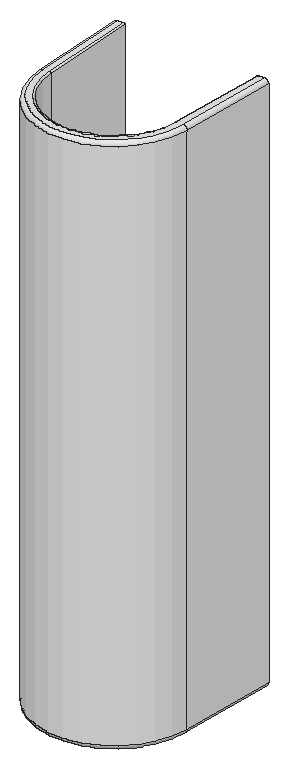
Revit family "_PlumbingFixture_GroheLimited_EuroCeramicFullPedestal_39202000_METRIC_1", category Plumbing Fixtures, Revit 2015
Parameters (values of type "39202000")
  _DistributedBy = "www.bimstore.co.uk"
  _CurrentRevision = 1
  _CreatedBy = "www.bimstore.co.uk"
  _BimSpecGuid = 0
  _BSBibleVersion = 14
  _AuthorizedBy = "Kris Atkinson"
  _Author = "Ian Holmes"
  Waste Connection = no
  WarrantyStartDate [instance] = "Please Record On Commissioning."
  WarrantyGuarantorParts = "info-uk@grohe.com"
  WarrantyGuarantorLabor = "info-uk@grohe.com"
  WarrantyDurationUnit = "Years"
  WarrantyDurationParts = "n/a"
  WarrantyDurationLabor = "n/a"
  WarrantyDescription = "n/a"
  WFU = 0
  Vent Connection = no
  URL = "www.grohe.com"
  TypeName = "Euro Ceramic full pedestal for washbasin"
  Type Comments = "39202000"
  SpareParts = "n/a"
  Size = "n/a"
  Shape = "n/a"
  SerialNumber [instance] = "Please Record On Commissioning."
  ReplacementCost = "n/a"
  ReferencedStandard = "n/a"
  ProductionYear = "2017"
  ProductPageURL = "n/a"
  ProductDocumentationLink = "n/a"
  PrimaryMaterial = Ceramic, White
  PercentageOfRecycledContent = "n/a"
  OffsetFromLevel [instance] = 715 mm
  NominalLength = 0 mm
  NominalHeight = 0 mm
  NominalDepth = 0 mm
  NBSReference = "45-35-70/365"
  NBSOfficeMasterTag = "n/a"
  NBSObjectName = "Grohe Limited -  Pedestal wash basins"
  NBSNote = ""
  NBSDescription = "Pedestal wash basins"
  ModelReference = "Euro Ceramic full pedestal for washbasin"
  ModelNumber = "39202000"
  Model = "Euro Ceramic full pedestal for washbasin"
  Material = "Ceramic"
  MasterformatTitle = "Sanitary Facilities"
  MasterformatNumber = "01 52 19"
  ManufacturerName = "Grohe Limited"
  Manufacturer = "Grohe Limited"
  LowEmittingMaterial = no
  LEEDCredit = "n/a"
  Keynote = "N13"
  InstallationDate [instance] = "Please Record On Commissioning."
  IndustryStandards = "n/a"
  IfcExportType = "IfcPipeFittingType"
  IfcExportAs = "IfcPipeFitting"
  HotWaterConnectionDiameter = 10 mm
  HWFU = 4.5
  HW Connection = no
  Grade = "n/a"
  Finish = "Ceramic"
  Features = "Euro Ceramic Full pedestal for washbasin. Invisible fixation set. Vitreous china. Alpine White. 200 x 220 x 715 mm. 30 pcs per pallet."
  ExpectedLife = 0
  Ecojoy = no
  DurationUnit = "Years"
  DocumentationTechnical = "n/a"
  DocumentationMaintenance = "n/a"
  DocumentationLiterature = "n/a"
  DocumentationInstallationGuide = "n/a"
  DocumentationCertificates = "n/a"
  Description = "Euro Ceramic Full pedestal for washbasin. Invisible fixation set. Vitreous china. Alpine White. 200 x 220 x 715 mm. 30 pcs per pallet."
  CreatedOn = "2017-07-01T09:00:00"
  CreatedBy = "info-uk@grohe.com"
  Cost = 0
  Constituents = "n/a"
  Color = "White"
  ColdWaterConnectionDiameter = 10 mm
  CodePerformance = "n/a"
  ClassificationValue = "Pr_40_20_96_63"
  ClassificationName = "Uniclass2015"
  CWFU = 4.5
  CW Connection = no
  BarCode [instance] = "Please Record On Commissioning."
  BIMObjectName = "_PlumbingFixture_GroheLimited_EuroCeramicFullPedestal_39202000_METRIC"
  AssetType = "Fixed"
  AssetIdentifier [instance] = "Please Record On Commissioning."
  Assembly Code = "D2010"
  AccessibilityPerformance = "n/a"
  ADACompliant = no
Reference planes
  plane 1 "Center (Front/Back)": y = 0
  plane 2: z = 0
  plane 3 "Center (Left/Right)": x = 0
  plane 4 "OffsetFromLevel": z = 715
Dimensions and locks
  "OffsetFromLevel": plane 4 "OffsetFromLevel" to plane 2
  aligned and locked: level to plane 2
  aligned and locked: plane 3 "Center (Left/Right)" to nested 1
  aligned and locked: plane 1 "Center (Front/Back)" to nested 1
  aligned and locked: plane 4 "OffsetFromLevel" to nested 1
Nested families
  nested 1: "39202000" at (0, 0, 0), type "39202000"
Definition of nested family "39202000"
  Parameters (values of type "39202000")
    Material = none
  Reference planes
    plane 1 "Center (Front/Back)": y = 0
    plane 2: z = 0
    plane 3 "Center (Left/Right)": x = 0
    plane 4: x = -101.5
    plane 5: y = -100
    plane 6: z = 552.5
    plane 7: z = 560
    plane 8: z = 715
    plane 9: z = 610
    plane 10: x = -40
    plane 11: x = 40
    plane 12: y = -322
    plane 13: x = 101.5
    plane 14: z = 567.5
  Forms (mm)
    Sweep 1, solid, material <- "Material"
      path in 3D
        loop
          line (-101.522, -100, 0) -> (-97.041, -228.325, 0)
          arc (-97.041, -228.325, 0) -> (0, -322.036, 0) -> (97.041, -228.325, 0) r 97.1
          line (97.041, -228.325, 0) -> (101.522, -100, 0)
      profile origin (0, -322.036, 0) x (0, 1, 0) y (0, 0, 1)
        loop
          arc (13, 0) -> (14.414, 0.586) -> (15, 2) r 2
          line (15, 2) -> (15, 713)
          arc (15, 713) -> (14.414, 714.414) -> (13, 715) r 2
          line (13, 715) -> (5, 715)
          arc (5, 715) -> (1.464, 713.536) -> (0, 710) r 5
          line (0, 710) -> (0, 5)
          arc (0, 5) -> (1.464, 1.464) -> (5, 0) r 5
          line (5, 0) -> (13, 0)
    Extrusion 2, solid, material <- "Material"
      sketch origin (0, 0, 0) x (1, 0, 0) y (0, 1, 0)
        loop
          arc (-82.05, -227.801) -> (0, -307.036) -> (82.05, -227.801) r 82.1
          line (82.05, -227.801) -> (85.989, -115) -> (60.275, -115)
          arc (60.275, -115) -> (46.382, -120.613) -> (40.287, -134.302) r 20
          line (40.287, -134.302) -> (37.077, -226.231)
          arc (37.077, -226.231) -> (0, -262.036) -> (-37.077, -226.231) r 37.1
          line (-37.077, -226.231) -> (-40.287, -134.302)
          arc (-40.287, -134.302) -> (-46.382, -120.613) -> (-60.275, -115) r 20
          line (-60.275, -115) -> (-85.989, -115) -> (-82.05, -227.801)
      from 552.5 to 567.5
    Extrusion 3, void
      sketch origin (0, 0, 0) x (1, 0, 0) y (0, 1, 0)
        loop
          line (-116.296, -100) -> (116.06, -100) -> (116.06, -90) -> (-116.296, -90) -> (-116.296, -100)
      from 0 to 783.019
    Sweep 4, void
      path in 3D
        loop
          line (95.275, -115, 567.5) -> (60.275, -115, 567.5)
          arc (60.275, -115, 567.5) -> (46.382, -120.613, 567.5) -> (40.287, -134.302, 567.5) r 20
          line (40.287, -134.302, 567.5) -> (37.077, -226.231, 567.5)
          arc (37.077, -226.231, 567.5) -> (0, -262.036, 567.5) -> (-37.077, -226.231, 567.5) r 37.1
          line (-37.077, -226.231, 567.5) -> (-40.287, -134.302, 567.5)
          arc (-40.287, -134.302, 567.5) -> (-46.382, -120.613, 567.5) -> (-60.275, -115, 567.5) r 20
          line (-60.275, -115, 567.5) -> (-93.347, -115, 567.5)
      profile origin (77.775, -115, 567.5) x (0, -1, 0) y (0, 0, 1)
        loop
          line (0, 0) -> (0, -5)
          arc (0, -5) -> (1.464, -1.464) -> (5, 0) r 5
          line (5, 0) -> (0, 0)
        loop
          line (0, -15) -> (5, -15)
          arc (5, -15) -> (1.464, -13.536) -> (0, -10) r 5
          line (0, -10) -> (0, -15)
  Cuts and joins
    Extrusion 3 cuts Sweep 1
    Extrusion 3, Sweep 4 cuts Extrusion 2
    joined: Sweep 1, Extrusion 2
  Lines and regions (mm)
    reference lines, not visible
      curve 1: line (-101.522, -100, 0) -> (-97.041, -228.325, 0)
      curve 2: line (101.522, -100, 0) -> (97.041, -228.325, 0)
      curve 3: arc (-97.041, -228.325, 0) -> (0, -322.036, 0) -> (97.041, -228.325, 0) r 97.1
    sketch lines
      curve 4: line (-101.522, -100, 0) -> (-97.041, -228.325, 0)
      curve 5: arc (-97.041, -228.325, 0) -> (0, -322.036, 0) -> (97.041, -228.325, 0) r 97.1
      curve 6: line (101.522, -100, 0) -> (97.041, -228.325, 0)
      curve 10: line (95.275, -115, 567.5) -> (60.275, -115, 567.5)
      curve 11: arc (40.287, -134.302, 567.5) -> (46.382, -120.613, 567.5) -> (60.275, -115, 567.5) r 20
      curve 12: line (40.287, -134.302, 567.5) -> (37.077, -226.231, 567.5)
      curve 13: arc (-37.077, -226.231, 567.5) -> (0, -262.036, 567.5) -> (37.077, -226.231, 567.5) r 37.1
      curve 14: line (-37.077, -226.231, 567.5) -> (-40.287, -134.302, 567.5)
      curve 15: arc (-60.275, -115, 567.5) -> (-46.382, -120.613, 567.5) -> (-40.287, -134.302, 567.5) r 20
      curve 16: line (-60.275, -115, 567.5) -> (-93.347, -115, 567.5)
    reference lines
      curve 7: circle (-40, -100, 610) r 15 normal (0, -1, 0)
      curve 8: circle (40, -100, 610) r 15 normal (0, -1, 0)
      curve 9: circle (0, -100, 560) r 25 normal (0, -1, 0)
  Dimensions and locks
    aligned and locked: level to plane 2
    aligned and locked: plane 9 to curve 7
    aligned and locked: plane 9 to curve 8
    aligned and locked: curve 8 to plane 11
    aligned and locked: plane 10 to curve 7
    aligned and locked: plane 3 "Center (Left/Right)" to curve 9
    aligned and locked: plane 7 to curve 9
